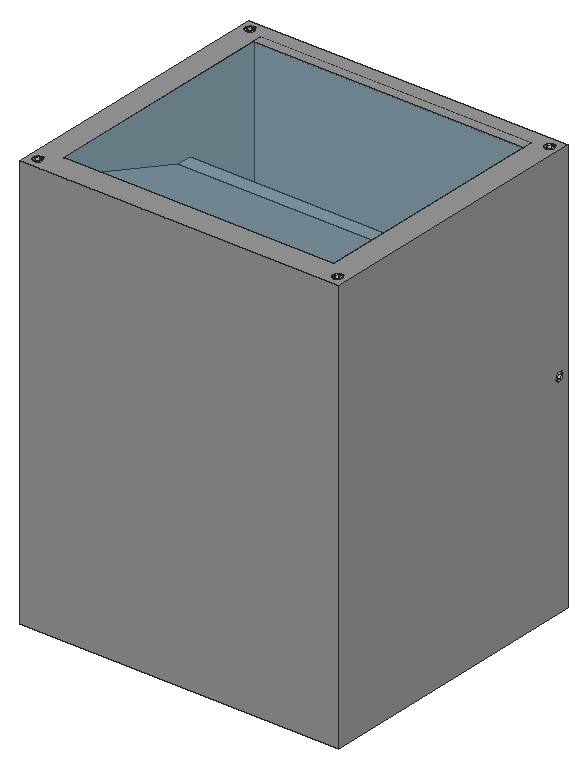
Revit family "LED CUBE 01_LK0273WW", category Luminarias, Revit 2019
Family settings
  Cota de conector redondo = Diámetro de uso
  Tipo de pieza = Normal
  Se basa en plano de trabajo = Sí
  Siempre vertical = No
  Corte con vacíos al cargar = No
  Origen de luz = Sí
  Compartido = No
  Punto de cálculo de habitación = No
Parameters (values of type "LED CUBE 01_LK0273WW")
  Ángulo de inclinación = 60.00°
  Zone [instance] = ""
  Watt per fixture = 8.8
  Wattage = 8.8 W
  built-in parameter 1150107 = 3000 (stored number, unit not read)
  built-in parameter 1150110 = 1 (stored number, unit not read)
  built-in parameter 1150109 = 1 (stored number, unit not read)
  built-in parameter 1150112 = 1 (stored number, unit not read)
  built-in parameter 1150113 = 1 (stored number, unit not read)
  built-in parameter 1114218 = 1 (stored number, unit not read)
  Keynote = ""
  built-in parameter 1150137 = (empty or 0)
  built-in parameter 1150132 = (empty or 0)
  Modelo = "LK0273WW"
  Lámpara = "NICHIA"
  built-in parameter 1150105 = 24.664 (stored number, unit not read)
  built-in parameter 1150102 = (empty or 0)
  built-in parameter 1150106 = 0.24664 (stored number, unit not read)
  Lumens = 309.936 lm
  Color Filter = 16777215
  built-in parameter 1114217 = 1 (stored number, unit not read)
  built-in parameter 1150139 = (empty or 0)
  Fabricante = "BRILLANT"
  Default Elevation = 0 mm
  built-in parameter 1150104 = 3.272 (stored number, unit not read)
  Descripción = "LUMINARIA DIRIGIBLE TIPO ARBOTANTE, DE MATERIAL EN ALUMINIO FUNDIDO A PRESION CUBIERTO CON POLVO GRIS OSCURO Y PC DE 6MM, CON UN PESO DE 1.6KG, CON 2 LED TIPO NICHIA Y UNA POTENCIA TOTAL DE 8.8W, 2X155 LUMENES, TEMPERATURA EN BLANCO CALIDO 3000K, IRC 80, IP 65, APERTURA DESDE 5-45 GRADOS, CORRIENTE DE OPERACIÓN 138mA, CABLE DE 0.3M, ALIMENTADO A 100-277VAC"
  built-in parameter 1150115 = 1 (stored number, unit not read)
  built-in parameter 1150114 = 1 (stored number, unit not read)
  Comentarios de vataje = "100-277V"
  built-in parameter 1150138 = (empty or 0)
  built-in parameter 1150134 = (empty or 0)
  Circuit [instance] = ""
  Dimming Lamp Color Temperature Shift = (empty or 0)
  Archivo de red fotométrica = "LK0273WW.IES"
  built-in parameter 1150133 = 10 (stored number, unit not read)
Reference planes
  plane 1 "Centro (Frontal/Posterior)": y = 0
  plane 2: z = 0
  plane 3 "Centro (Izquierda/Derecha)": x = 0
Forms (mm)
  Revolve 1, solid, material "Cristal", not visible
    sketch origin (-152, 0, 0) x (0, 1, 0) y (0, 0, -1)
      loop
        line (0, -8.749) -> (0, -7.25) -> (-1.499, -7.25)
        arc (-1.499, -7.25) -> (-1.06, -8.31) -> (0, -8.749) r 1.499
      axis (0, -7.25) -> (-1.499, -7.25)
    angle from 0 to 360
  Revolve 2, solid, material "Cristal", not visible
    sketch origin (-136, 0, 0) x (0, 1, 0) y (0, 0, -1)
      loop
        line (0, -8.749) -> (0, -7.25) -> (-1.499, -7.25)
        arc (-1.499, -7.25) -> (-1.06, -8.31) -> (0, -8.749) r 1.499
      axis (0, -7.25) -> (-1.499, -7.25)
    angle from 0 to 360
  Revolve 3, solid, material "Cristal", not visible
    sketch origin (-120, 0, 0) x (0, 1, 0) y (0, 0, -1)
      loop
        line (0, -8.749) -> (0, -7.25) -> (-1.499, -7.25)
        arc (-1.499, -7.25) -> (-1.06, -8.31) -> (0, -8.749) r 1.499
      axis (0, -7.25) -> (-1.499, -7.25)
    angle from 0 to 360
  Revolve 4, solid, material "Cristal", not visible
    sketch origin (-104, 0, 0) x (0, 1, 0) y (0, 0, -1)
      loop
        line (0, -8.749) -> (0, -7.25) -> (-1.499, -7.25)
        arc (-1.499, -7.25) -> (-1.06, -8.31) -> (0, -8.749) r 1.499
      axis (0, -7.25) -> (-1.499, -7.25)
    angle from 0 to 360
  Revolve 5, solid, material "Cristal", not visible
    sketch origin (-88, 0, 0) x (0, 1, 0) y (0, 0, -1)
      loop
        line (0, -8.749) -> (0, -7.25) -> (-1.499, -7.25)
        arc (-1.499, -7.25) -> (-1.06, -8.31) -> (0, -8.749) r 1.499
      axis (0, -7.25) -> (-1.499, -7.25)
    angle from 0 to 360
  Revolve 6, solid, material "Cristal", not visible
    sketch origin (-72, 0, 0) x (0, 1, 0) y (0, 0, -1)
      loop
        line (0, -8.749) -> (0, -7.25) -> (-1.499, -7.25)
        arc (-1.499, -7.25) -> (-1.06, -8.31) -> (0, -8.749) r 1.499
      axis (0, -7.25) -> (-1.499, -7.25)
    angle from 0 to 360
  Revolve 7, solid, material "Cristal", not visible
    sketch origin (-56, 0, 0) x (0, 1, 0) y (0, 0, -1)
      loop
        line (0, -8.749) -> (0, -7.25) -> (-1.499, -7.25)
        arc (-1.499, -7.25) -> (-1.06, -8.31) -> (0, -8.749) r 1.499
      axis (0, -7.25) -> (-1.499, -7.25)
    angle from 0 to 360
  Revolve 8, solid, material "Cristal", not visible
    sketch origin (-40, 0, 0) x (0, 1, 0) y (0, 0, -1)
      loop
        line (0, -8.749) -> (0, -7.25) -> (-1.499, -7.25)
        arc (-1.499, -7.25) -> (-1.06, -8.31) -> (0, -8.749) r 1.499
      axis (0, -7.25) -> (-1.499, -7.25)
    angle from 0 to 360
  Revolve 9, solid, material "Cristal", not visible
    sketch origin (-24, 0, 0) x (0, 1, 0) y (0, 0, -1)
      loop
        line (0, -8.749) -> (0, -7.25) -> (-1.499, -7.25)
        arc (-1.499, -7.25) -> (-1.06, -8.31) -> (0, -8.749) r 1.499
      axis (0, -7.25) -> (-1.499, -7.25)
    angle from 0 to 360
  Revolve 10, solid, material "Cristal", not visible
    sketch origin (-8, 0, 0) x (0, 1, 0) y (0, 0, -1)
      loop
        line (0, -8.749) -> (0, -7.25) -> (-1.499, -7.25)
        arc (-1.499, -7.25) -> (-1.06, -8.31) -> (0, -8.749) r 1.499
      axis (0, -7.25) -> (-1.499, -7.25)
    angle from 0 to 360
  Revolve 11, solid, material "Cristal", not visible
    sketch origin (8, 0, 0) x (0, 1, 0) y (0, 0, -1)
      loop
        line (0, -8.749) -> (0, -7.25) -> (-1.499, -7.25)
        arc (-1.499, -7.25) -> (-1.06, -8.31) -> (0, -8.749) r 1.499
      axis (0, -7.25) -> (-1.499, -7.25)
    angle from 0 to 360
  Revolve 12, solid, material "Cristal", not visible
    sketch origin (24, 0, 0) x (0, 1, 0) y (0, 0, -1)
      loop
        line (0, -8.749) -> (0, -7.25) -> (-1.499, -7.25)
        arc (-1.499, -7.25) -> (-1.06, -8.31) -> (0, -8.749) r 1.499
      axis (0, -7.25) -> (-1.499, -7.25)
    angle from 0 to 360
  Revolve 13, solid, material "Cristal", not visible
    sketch origin (40, 0, 0) x (0, 1, 0) y (0, 0, -1)
      loop
        line (0, -8.749) -> (0, -7.25) -> (-1.499, -7.25)
        arc (-1.499, -7.25) -> (-1.06, -8.31) -> (0, -8.749) r 1.499
      axis (0, -7.25) -> (-1.499, -7.25)
    angle from 0 to 360
  Revolve 14, solid, material "Cristal", not visible
    sketch origin (56, 0, 0) x (0, 1, 0) y (0, 0, -1)
      loop
        line (0, -8.749) -> (0, -7.25) -> (-1.499, -7.25)
        arc (-1.499, -7.25) -> (-1.06, -8.31) -> (0, -8.749) r 1.499
      axis (0, -7.25) -> (-1.499, -7.25)
    angle from 0 to 360
  Revolve 15, solid, material "Cristal", not visible
    sketch origin (72, 0, 0) x (0, 1, 0) y (0, 0, -1)
      loop
        line (0, -8.749) -> (0, -7.25) -> (-1.499, -7.25)
        arc (-1.499, -7.25) -> (-1.06, -8.31) -> (0, -8.749) r 1.499
      axis (0, -7.25) -> (-1.499, -7.25)
    angle from 0 to 360
  Revolve 16, solid, material "Cristal", not visible
    sketch origin (88, 0, 0) x (0, 1, 0) y (0, 0, -1)
      loop
        line (0, -8.749) -> (0, -7.25) -> (-1.499, -7.25)
        arc (-1.499, -7.25) -> (-1.06, -8.31) -> (0, -8.749) r 1.499
      axis (0, -7.25) -> (-1.499, -7.25)
    angle from 0 to 360
  Revolve 17, solid, material "Cristal", not visible
    sketch origin (104, 0, 0) x (0, 1, 0) y (0, 0, -1)
      loop
        line (0, -8.749) -> (0, -7.25) -> (-1.499, -7.25)
        arc (-1.499, -7.25) -> (-1.06, -8.31) -> (0, -8.749) r 1.499
      axis (0, -7.25) -> (-1.499, -7.25)
    angle from 0 to 360
  Revolve 18, solid, material "Cristal", not visible
    sketch origin (120, 0, 0) x (0, 1, 0) y (0, 0, -1)
      loop
        line (0, -8.749) -> (0, -7.25) -> (-1.499, -7.25)
        arc (-1.499, -7.25) -> (-1.06, -8.31) -> (0, -8.749) r 1.499
      axis (0, -7.25) -> (-1.499, -7.25)
    angle from 0 to 360
  Revolve 19, solid, material "Cristal", not visible
    sketch origin (136, 0, 0) x (0, 1, 0) y (0, 0, -1)
      loop
        line (0, -8.749) -> (0, -7.25) -> (-1.499, -7.25)
        arc (-1.499, -7.25) -> (-1.06, -8.31) -> (0, -8.749) r 1.499
      axis (0, -7.25) -> (-1.499, -7.25)
    angle from 0 to 360
  Revolve 20, solid, material "Cristal", not visible
    sketch origin (152, 0, 0) x (0, 1, 0) y (0, 0, -1)
      loop
        line (0, -8.749) -> (0, -7.25) -> (-1.499, -7.25)
        arc (-1.499, -7.25) -> (-1.06, -8.31) -> (0, -8.749) r 1.499
      axis (0, -7.25) -> (-1.499, -7.25)
    angle from 0 to 360
  Extrusion 21, solid, material "Acabado Blanco"
    sketch origin (0, 23.355, 0) x (1, 0, 0) y (0, 1, 0)
      loop
        line (-50, -23.355) -> (-50, -113.355) -> (50, -113.355) -> (50, -23.355) -> (-50, -23.355)
    from 0 to 130.208
  Extrusion 22, void
    sketch origin (0, 23.355, 0) x (1, 0, 0) y (0, 1, 0)
      loop
        line (-42.5, -31.071) -> (-42.5, -56.135) -> (42.5, -56.135) -> (42.5, -31.071) -> (-42.5, -31.071)
    from 0 to 130.208
  Extrusion 23, solid, material "Cristal"
    sketch origin (0, 0, -127.046) x (0, -1, 0) y (1, 0, 0)
      loop
        line (4.715, -42.5) -> (82.231, -42.5) -> (82.231, 42.5) -> (4.715, 42.5) -> (4.715, -42.5)
    from 127.046 to 130.208
  Extrusion 24, void
    sketch origin (0, 0, 0) x (1, 0, 0) y (0, 1, 0)
      loop
        circle (-47.069, -3.34) r 1.481
      loop
        circle (47.069, -3.34) r 1.481
      loop
        circle (-47.069, -86.66) r 1.481
      loop
        circle (47.069, -86.66) r 1.481
    from 129.011 to 130.208
  Extrusion 25, void
    sketch origin (0, 0, -129.011) x (0, -1, 0) y (1, 0, 0)
      loop
        circle (3.34, -47.069) r 1.481
      loop
        circle (3.34, 47.069) r 1.481
      loop
        circle (86.66, -47.069) r 1.481
      loop
        circle (86.66, 47.069) r 1.481
    from 129.011 to 130.208
  Extrusion 26, void
    sketch origin (0, 0, 0) x (0, 1, 0) y (0, 0, 1)
      loop
        circle (-3.34, 66.511) r 1.481
    from 47.98 to 50
  Extrusion 27, void
    sketch origin (0, 0, 0) x (0, 1, 0) y (0, 0, -1)
      loop
        circle (-3.34, -66.511) r 1.481
    from 47.98 to 50
  Extrusion 28, solid, material "Acero Inoxidable"
    sketch origin (0, 0, 0) x (0, 1, 0) y (0, 0, 1)
      loop
        circle (-3.34, 66.511) r 1.228
      loop
        line (-2.391, 66.511) -> (-2.866, 67.332) -> (-3.814, 67.332) -> (-4.289, 66.511) -> (-3.814, 65.689) -> (-2.866, 65.689) -> (-2.391, 66.511)
    from 47.98 to 50
  Extrusion 29, solid, material "Acero Inoxidable"
    sketch origin (0, 0, 0) x (0, 1, 0) y (0, 0, -1)
      loop
        circle (-3.34, -66.511) r 1.228
      loop
        line (-2.391, -66.511) -> (-2.866, -65.689) -> (-3.814, -65.689) -> (-4.289, -66.511) -> (-3.814, -67.332) -> (-2.866, -67.332) -> (-2.391, -66.511)
    from 47.98 to 50
  Extrusion 30, solid, material "Acero Inoxidable"
    sketch origin (0, 0, 0) x (1, 0, 0) y (0, 1, 0)
      loop
        circle (-47.069, -3.34) r 1.228
      loop
        line (-48.018, -3.34) -> (-47.544, -4.162) -> (-46.595, -4.162) -> (-46.121, -3.34) -> (-46.595, -2.519) -> (-47.544, -2.519) -> (-48.018, -3.34)
      loop
        circle (47.069, -3.34) r 1.228
      loop
        line (46.121, -3.34) -> (46.595, -4.162) -> (47.544, -4.162) -> (48.018, -3.34) -> (47.544, -2.519) -> (46.595, -2.519) -> (46.121, -3.34)
      loop
        circle (47.069, -86.66) r 1.228
      loop
        line (46.121, -86.66) -> (46.595, -87.481) -> (47.544, -87.481) -> (48.018, -86.66) -> (47.544, -85.838) -> (46.595, -85.838) -> (46.121, -86.66)
      loop
        circle (-47.069, -86.66) r 1.228
      loop
        line (-48.018, -86.66) -> (-47.544, -87.481) -> (-46.595, -87.481) -> (-46.121, -86.66) -> (-46.595, -85.838) -> (-47.544, -85.838) -> (-48.018, -86.66)
    from 0 to 1.197
  Extrusion 31, solid, material "Acero Inoxidable"
    sketch origin (0, 0, 130.058) x (0, -1, 0) y (1, 0, 0)
      loop
        circle (3.34, -47.069) r 1.228
      loop
        line (3.34, -48.018) -> (4.162, -47.544) -> (4.162, -46.595) -> (3.34, -46.121) -> (2.519, -46.595) -> (2.519, -47.544) -> (3.34, -48.018)
      loop
        circle (3.34, 47.069) r 1.228
      loop
        line (3.34, 46.121) -> (4.162, 46.595) -> (4.162, 47.544) -> (3.34, 48.018) -> (2.519, 47.544) -> (2.519, 46.595) -> (3.34, 46.121)
      loop
        circle (86.66, 47.069) r 1.228
      loop
        line (86.66, 46.121) -> (87.481, 46.595) -> (87.481, 47.544) -> (86.66, 48.018) -> (85.838, 47.544) -> (85.838, 46.595) -> (86.66, 46.121)
      loop
        circle (86.66, -47.069) r 1.228
      loop
        line (86.66, -48.018) -> (87.481, -47.544) -> (87.481, -46.595) -> (86.66, -46.121) -> (85.838, -46.595) -> (85.838, -47.544) -> (86.66, -48.018)
    from -1.048 to 0.149
  Extrusion 32, void
    sketch origin (0, 0, 0) x (0, 1, 0) y (0, 0, 1)
      loop
        line (-7.716, 130.208) -> (-82.231, 130.208) -> (-82.231, 125.208) -> (-37.32, 108.861) -> (-7.716, 108.861) -> (-7.716, 130.208)
    from -42.5 to 42.5
  Extrusion 33, void
    sketch origin (0, 0, 130.208) x (0, 1, 0) y (0, 0, 1)
      loop
        line (-7.716, -130.208) -> (-7.716, -108.861) -> (-37.32, -108.861) -> (-82.231, -125.208) -> (-82.231, -130.208) -> (-7.716, -130.208)
    from -42.5 to 42.5
  Extrusion 34, solid, material "Cristal"
    sketch origin (0, 0, 0) x (1, 0, 0) y (0, 1, 0)
      loop
        line (-42.5, -4.715) -> (-42.5, -82.231) -> (42.5, -82.231) -> (42.5, -4.715) -> (-42.5, -4.715)
    from 127.046 to 130.208
Cuts and joins
  Extrusion 22, Extrusion 24, Extrusion 25, Extrusion 26, Extrusion 27, Extrusion 32, Extrusion 33 cuts Extrusion 21
Dimensions and locks
  equal spacing: Extrusion 21 sketch curve, plane 3 "Centro (Izquierda/Derecha)", Extrusion 21 sketch curve
  Extrusion 21 sketch curve to plane 3 "Centro (Izquierda/Derecha)" = 50 mm
  Extrusion 21 sketch curve to Extrusion 21 sketch curve = 90 mm
  cut or joined group 1 (Extrusion 21, Extrusion 22, Extrusion 24, Extrusion 25, Extrusion 26, Extrusion 27, Extrusion 32, Extrusion 33) to cut or joined group 1 = 130.208 mm
  aligned and locked: level to plane 2
  aligned and locked: Extrusion 21 to Extrusion 22
  aligned and locked: Extrusion 21 to Extrusion 24
  aligned and locked: cut or joined group 1 to Extrusion 30
  aligned and locked: cut or joined group 1 to Extrusion 31  (x2)
  aligned and locked: Extrusion 32 to Extrusion 22  (x2)
Connectors
  electrical at (0, 0, 65.104)
    settings: on cut or joined group 1, index 1, voltage 277 V, apparent load 0 VA, apparent load phase1 0 VA, apparent load phase2 0 VA, apparent load phase3 0 VA, power factor 1, load classification "Otro", number of poles 1, system type 31, power factor state 1, is connector primary yes, connector utility no, sub classification motor no, connector description ""
